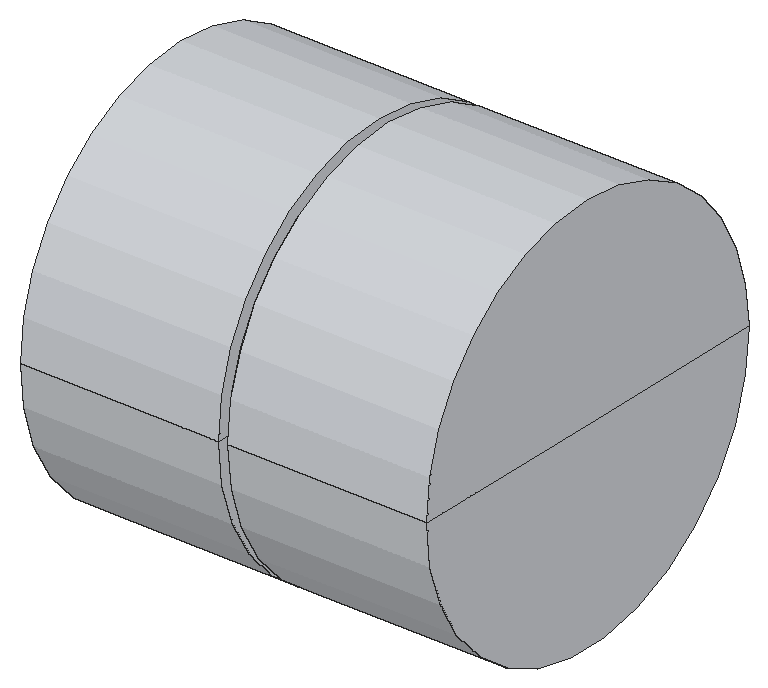
Revit family "Luva - Soldada - CU", category Conexões de tubo, Revit 2019
Family settings
  Cota do conector redondo = Usar raio
  Tipo de parte = União
  Com base no plano de trabalho = Não
  Sempre na vertical = Sim
  Corte com vazios quando carregada = Não
  Compartilhado = Não
Parameters (values of type "Padrão")
  Espessura da parede [instance] = size_lookup(Nome da tabela de pesquisa, "WThk", 0.01 * Diâmetro nominal + 0.4 mm, Diâmetro nominal)  # 1.15 mm
  Tamanho da marca de revisão [instance] = Diâmetro externo do soquete * 0.4  # 27.32 mm
  Raio externo do soquete [instance] = Diâmetro externo do soquete / 2  # 34.15 mm
  Diâmetro externo do soquete [instance] = Diâmetro nominal + 2 * Espessura da parede  # 68.3 mm
  Raio nominal [instance] = 33 mm
  Diâmetro nominal [instance] = Raio nominal * 2  # 66 mm
  Método de perda = Coeficiente K da tabela
  Nome da tabela de pesquisa = "BR_Sleeve - Soldered - CU"
  Comprimento 2 [instance] = size_lookup(Nome da tabela de pesquisa, "Lgt2", 1 mm, Diâmetro nominal)  # 0.8 mm
  Comprimento [instance] = size_lookup(Nome da tabela de pesquisa, "Lgt", 0.71 * Diâmetro nominal + 20.7 mm, Diâmetro nominal)  # 69 mm
  Tabela de coeficiente K = "Redutor/Acoplamento/União/Redutor"
Reference planes
  plane 1 "Centro (frente/trás)": y = 0
  plane 2: z = 0
  plane 3 "Centro (direita/esquerda)": x = 0
  plane 4: x = -34.5
  plane 5: x = 34.5
  plane 6: y = 34.15
  plane 7: y = -34.15
  plane 8: y = 27.32
  plane 9: y = -27.32
  plane 10: x = -0.8
  plane 11: x = 0.8
  plane 12: y = 32.15
Forms (mm)
  Revolve 1, solid, detail levels fine
    sketch origin (0, 0, 0) x (1, 0, 0) y (0, 1, 0)
      loop
        line (-34.5, 0) -> (34.5, 0) -> (34.5, 34.15) -> (0.8, 34.15) -> (0.8, 32.15) -> (-0.8, 32.15) -> (-0.8, 34.15) -> (-34.5, 34.15) -> (-34.5, 0)
      axis (-34.5, 0) -> (34.5, 0)
    angle from 0 to 360
Lines and regions (mm)
  model lines, detail levels coarse+medium
    curve 1: line (-34.5, 0, 0) -> (34.5, 0, 0)
    curve 2: line (-34.5, 27.32, 0) -> (-34.5, -27.32, 0)
    curve 3: line (34.5, 27.32, 0) -> (34.5, -27.32, 0)
Dimensions and locks
  equal spacing: plane 4, plane 3 "Centro (direita/esquerda)", plane 5
  "Comprimento": plane 4 to plane 5
  equal spacing: plane 6, plane 1 "Centro (frente/trás)", plane 7
  "Diâmetro externo do soquete": plane 6 to plane 7
  "Tamanho da marca de revisão": plane 8 to plane 1 "Centro (frente/trás)"
  equal spacing: plane 8, plane 1 "Centro (frente/trás)", plane 9
  equal spacing: plane 10, plane 3 "Centro (direita/esquerda)", plane 11
  "Comprimento 2": plane 10 to plane 3 "Centro (direita/esquerda)"
  locked: plane 6 to plane 12 at 2
  aligned and locked: plane 4 to curve 1
  aligned and locked: plane 1 "Centro (frente/trás)" to curve 1
  aligned and locked: plane 8 to curve 2
  aligned and locked: curve 2 to plane 9
  aligned and locked: curve 2 to plane 4
  aligned and locked: plane 8 to curve 3
  aligned and locked: plane 9 to curve 3
  aligned and locked: curve 3 to plane 5
  aligned and locked: plane 1 "Centro (frente/trás)" to Revolve 1 sketch curve
  aligned and locked: Revolve 1 sketch curve to plane 4
  aligned and locked: plane 5 to Revolve 1 sketch curve
  aligned and locked: Revolve 1 sketch curve to plane 6
  aligned and locked: Revolve 1 sketch curve to Revolve 1 sketch curve
  aligned and locked: plane 6 to Revolve 1 sketch curve
  aligned and locked: plane 11 to Revolve 1 sketch curve
  aligned and locked: Revolve 1 sketch curve to plane 12
  aligned and locked: Revolve 1 sketch curve to plane 10
Automatic sketch dimensions
  Revolve 1 sketch curve to plane 4 = 0 mm
  Revolve 1 sketch curve to plane 5 = 0 mm
Connectors
  piping at (-34.5, 0, 0), diameter 66, driven by "Raio nominal"
    settings: on Revolve 1, index 1, connector inside diameter 66 mm, connector length 0 mm, flow factor 0, pipe flow 0.0 L/s, pressure drop 0.0 Pa, fitting loss kfactor 0, connector angle 0.00°, fixture units 0, engagement length 0 mm, angle of deflection 0.00°, flow configuration 0, flow direction 0, fitting loss method 0, system type 28, joint type 0, gender type 0, connector reference index 2, connector utility 0, adjustable connector no, is connector primary yes, connector description ""
  piping at (34.5, 0, 0), diameter 66, driven by "Raio nominal"
    settings: on Revolve 1, index 2, connector inside diameter 66 mm, connector length 0 mm, flow factor 0, pipe flow 0.0 L/s, pressure drop 0.0 Pa, fitting loss kfactor 0, connector angle 0.00°, fixture units 0, engagement length 0 mm, angle of deflection 0.00°, flow configuration 0, flow direction 0, fitting loss method 0, system type 28, joint type 0, gender type 0, connector reference index 1, connector utility 0, adjustable connector no, is connector primary no, connector description ""
